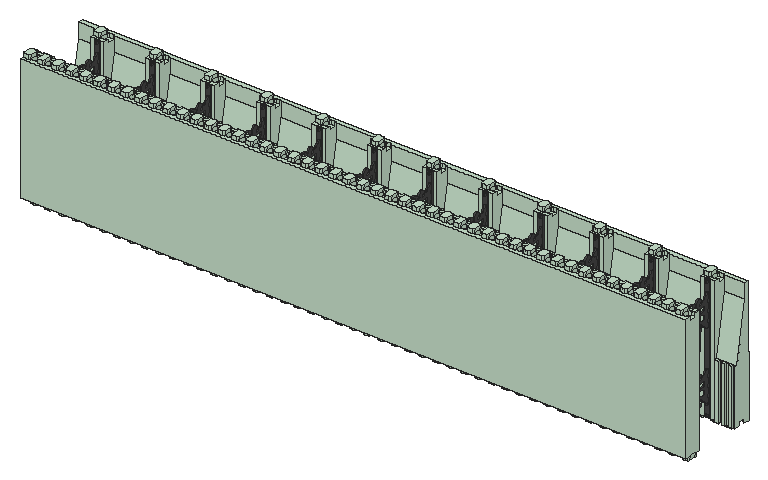
Revit family (continued)
Forms (mm)
  Extrusion 113, void
    sketch origin (2235.2, 0.019, 0) x (1, 0, 0) y (0, 1, 0)
      loop
        arc (29.796, 130.453) -> (26.615, 128.147) -> (25.4, 124.411) r 6.35
    from 0 to 12.7
  Extrusion 114, void
    sketch origin (2184.4, 0.019, 0) x (1, 0, 0) y (0, 1, 0)
      loop
        line (25.4, 124.411) -> (25.4, 101.014)
        arc (25.4, 101.014) -> (26.615, 97.278) -> (29.796, 94.972) r 6.35
        arc (29.796, 94.972) -> (36.091, 93.737) -> (42.5, 94.024) r 26.988
        arc (42.5, 94.024) -> (43.786, 93.668) -> (44.346, 92.457) r 1.587
        line (44.346, 92.457) -> (44.346, 86.829) -> (48.685, 86.829) -> (48.685, 95.62)
        arc (48.685, 95.62) -> (48.795, 96.199) -> (49.108, 96.698) r 1.588
        arc (49.108, 96.698) -> (50.362, 98.696) -> (50.8, 101.014) r 6.35
        line (50.8, 101.014) -> (50.8, 124.411)
        arc (50.8, 124.411) -> (49.585, 128.147) -> (46.404, 130.453) r 6.35
        arc (46.404, 130.453) -> (38.1, 131.763) -> (29.796, 130.453) r 26.987
        arc (29.796, 130.453) -> (26.615, 128.147) -> (25.4, 124.411) r 6.35
    from 0 to 12.7
  Extrusion 115, void
    sketch origin (2133.6, 0.019, 0) x (1, 0, 0) y (0, 1, 0)
      loop
        line (25.4, 124.411) -> (25.4, 101.014)
        arc (25.4, 101.014) -> (26.615, 97.278) -> (29.796, 94.972) r 6.35
        arc (29.796, 94.972) -> (36.091, 93.737) -> (42.5, 94.024) r 26.988
        arc (42.5, 94.024) -> (43.786, 93.668) -> (44.346, 92.457) r 1.587
        line (44.346, 92.457) -> (44.346, 86.829) -> (48.685, 86.829) -> (48.685, 95.62)
        arc (48.685, 95.62) -> (48.795, 96.199) -> (49.108, 96.698) r 1.588
        arc (49.108, 96.698) -> (50.362, 98.696) -> (50.8, 101.014) r 6.35
        line (50.8, 101.014) -> (50.8, 124.411)
        arc (50.8, 124.411) -> (49.585, 128.147) -> (46.404, 130.453) r 6.35
        arc (46.404, 130.453) -> (38.1, 131.763) -> (29.796, 130.453) r 26.987
        arc (29.796, 130.453) -> (26.615, 128.147) -> (25.4, 124.411) r 6.35
    from 0 to 12.7
  Extrusion 116, void
    sketch origin (2082.8, 0.019, 0) x (1, 0, 0) y (0, 1, 0)
      loop
        line (25.4, 124.411) -> (25.4, 101.014)
        arc (25.4, 101.014) -> (26.615, 97.278) -> (29.796, 94.972) r 6.35
        arc (29.796, 94.972) -> (36.091, 93.737) -> (42.5, 94.024) r 26.988
        arc (42.5, 94.024) -> (43.786, 93.668) -> (44.346, 92.457) r 1.587
        line (44.346, 92.457) -> (44.346, 86.829) -> (48.685, 86.829) -> (48.685, 95.62)
        arc (48.685, 95.62) -> (48.795, 96.199) -> (49.108, 96.698) r 1.588
        arc (49.108, 96.698) -> (50.362, 98.696) -> (50.8, 101.014) r 6.35
        line (50.8, 101.014) -> (50.8, 124.411)
        arc (50.8, 124.411) -> (49.585, 128.147) -> (46.404, 130.453) r 6.35
        arc (46.404, 130.453) -> (38.1, 131.763) -> (29.796, 130.453) r 26.987
        arc (29.796, 130.453) -> (26.615, 128.147) -> (25.4, 124.411) r 6.35
    from 0 to 12.7
  Extrusion 117, void
    sketch origin (2032, 0.019, 0) x (1, 0, 0) y (0, 1, 0)
      loop
        line (25.4, 124.411) -> (25.4, 101.014)
        arc (25.4, 101.014) -> (26.615, 97.278) -> (29.796, 94.972) r 6.35
        arc (29.796, 94.972) -> (36.091, 93.737) -> (42.5, 94.024) r 26.988
        arc (42.5, 94.024) -> (43.786, 93.668) -> (44.346, 92.457) r 1.587
        line (44.346, 92.457) -> (44.346, 86.829) -> (48.685, 86.829) -> (48.685, 95.62)
        arc (48.685, 95.62) -> (48.795, 96.199) -> (49.108, 96.698) r 1.588
        arc (49.108, 96.698) -> (50.362, 98.696) -> (50.8, 101.014) r 6.35
        line (50.8, 101.014) -> (50.8, 124.411)
        arc (50.8, 124.411) -> (49.585, 128.147) -> (46.404, 130.453) r 6.35
        arc (46.404, 130.453) -> (38.1, 131.763) -> (29.796, 130.453) r 26.987
        arc (29.796, 130.453) -> (26.615, 128.147) -> (25.4, 124.411) r 6.35
    from 0 to 12.7
  Extrusion 118, void
    sketch origin (1981.2, 0.019, 0) x (1, 0, 0) y (0, 1, 0)
      loop
        line (25.4, 124.411) -> (25.4, 101.014)
        arc (25.4, 101.014) -> (26.615, 97.278) -> (29.796, 94.972) r 6.35
        arc (29.796, 94.972) -> (36.091, 93.737) -> (42.5, 94.024) r 26.988
        arc (42.5, 94.024) -> (43.786, 93.668) -> (44.346, 92.457) r 1.587
        line (44.346, 92.457) -> (44.346, 86.829) -> (48.685, 86.829) -> (48.685, 95.62)
        arc (48.685, 95.62) -> (48.795, 96.199) -> (49.108, 96.698) r 1.588
        arc (49.108, 96.698) -> (50.362, 98.696) -> (50.8, 101.014) r 6.35
        line (50.8, 101.014) -> (50.8, 124.411)
        arc (50.8, 124.411) -> (49.585, 128.147) -> (46.404, 130.453) r 6.35
        arc (46.404, 130.453) -> (38.1, 131.763) -> (29.796, 130.453) r 26.987
        arc (29.796, 130.453) -> (26.615, 128.147) -> (25.4, 124.411) r 6.35
    from 0 to 12.7
  Extrusion 119, void
    sketch origin (1930.4, 0.019, 0) x (1, 0, 0) y (0, 1, 0)
      loop
        line (25.4, 124.411) -> (25.4, 101.014)
        arc (25.4, 101.014) -> (26.615, 97.278) -> (29.796, 94.972) r 6.35
        arc (29.796, 94.972) -> (36.091, 93.737) -> (42.5, 94.024) r 26.988
        arc (42.5, 94.024) -> (43.786, 93.668) -> (44.346, 92.457) r 1.587
        line (44.346, 92.457) -> (44.346, 86.829) -> (48.685, 86.829) -> (48.685, 95.62)
        arc (48.685, 95.62) -> (48.795, 96.199) -> (49.108, 96.698) r 1.588
        arc (49.108, 96.698) -> (50.362, 98.696) -> (50.8, 101.014) r 6.35
        line (50.8, 101.014) -> (50.8, 124.411)
        arc (50.8, 124.411) -> (49.585, 128.147) -> (46.404, 130.453) r 6.35
        arc (46.404, 130.453) -> (38.1, 131.763) -> (29.796, 130.453) r 26.987
        arc (29.796, 130.453) -> (26.615, 128.147) -> (25.4, 124.411) r 6.35
    from 0 to 12.7
  Extrusion 120, void
    sketch origin (1879.6, 0.019, 0) x (1, 0, 0) y (0, 1, 0)
      loop
        line (25.4, 124.411) -> (25.4, 101.014)
        arc (25.4, 101.014) -> (26.615, 97.278) -> (29.796, 94.972) r 6.35
        arc (29.796, 94.972) -> (36.091, 93.737) -> (42.5, 94.024) r 26.988
        arc (42.5, 94.024) -> (43.786, 93.668) -> (44.346, 92.457) r 1.587
        line (44.346, 92.457) -> (44.346, 86.829) -> (48.685, 86.829) -> (48.685, 95.62)
        arc (48.685, 95.62) -> (48.795, 96.199) -> (49.108, 96.698) r 1.588
        arc (49.108, 96.698) -> (50.362, 98.696) -> (50.8, 101.014) r 6.35
        line (50.8, 101.014) -> (50.8, 124.411)
        arc (50.8, 124.411) -> (49.585, 128.147) -> (46.404, 130.453) r 6.35
        arc (46.404, 130.453) -> (38.1, 131.763) -> (29.796, 130.453) r 26.987
        arc (29.796, 130.453) -> (26.615, 128.147) -> (25.4, 124.411) r 6.35
    from 0 to 12.7
  Extrusion 121, void
    sketch origin (1828.8, 0.019, 0) x (1, 0, 0) y (0, 1, 0)
      loop
        line (25.4, 124.411) -> (25.4, 101.014)
        arc (25.4, 101.014) -> (26.615, 97.278) -> (29.796, 94.972) r 6.35
        arc (29.796, 94.972) -> (36.091, 93.737) -> (42.5, 94.024) r 26.988
        arc (42.5, 94.024) -> (43.786, 93.668) -> (44.346, 92.457) r 1.587
        line (44.346, 92.457) -> (44.346, 86.829) -> (48.685, 86.829) -> (48.685, 95.62)
        arc (48.685, 95.62) -> (48.795, 96.199) -> (49.108, 96.698) r 1.588
        arc (49.108, 96.698) -> (50.362, 98.696) -> (50.8, 101.014) r 6.35
        line (50.8, 101.014) -> (50.8, 124.411)
        arc (50.8, 124.411) -> (49.585, 128.147) -> (46.404, 130.453) r 6.35
        arc (46.404, 130.453) -> (38.1, 131.763) -> (29.796, 130.453) r 26.987
        arc (29.796, 130.453) -> (26.615, 128.147) -> (25.4, 124.411) r 6.35
    from 0 to 12.7
  Extrusion 122, void
    sketch origin (1778, 0.019, 0) x (1, 0, 0) y (0, 1, 0)
      loop
        line (25.4, 124.411) -> (25.4, 101.014)
        arc (25.4, 101.014) -> (26.615, 97.278) -> (29.796, 94.972) r 6.35
        arc (29.796, 94.972) -> (36.091, 93.737) -> (42.5, 94.024) r 26.988
        arc (42.5, 94.024) -> (43.786, 93.668) -> (44.346, 92.457) r 1.587
        line (44.346, 92.457) -> (44.346, 86.829) -> (48.685, 86.829) -> (48.685, 95.62)
        arc (48.685, 95.62) -> (48.795, 96.199) -> (49.108, 96.698) r 1.588
        arc (49.108, 96.698) -> (50.362, 98.696) -> (50.8, 101.014) r 6.35
        line (50.8, 101.014) -> (50.8, 124.411)
        arc (50.8, 124.411) -> (49.585, 128.147) -> (46.404, 130.453) r 6.35
        arc (46.404, 130.453) -> (38.1, 131.763) -> (29.796, 130.453) r 26.987
        arc (29.796, 130.453) -> (26.615, 128.147) -> (25.4, 124.411) r 6.35
    from 0 to 12.7
  Extrusion 123, void
    sketch origin (1727.2, 0.019, 0) x (1, 0, 0) y (0, 1, 0)
      loop
        line (25.4, 124.411) -> (25.4, 101.014)
        arc (25.4, 101.014) -> (26.615, 97.278) -> (29.796, 94.972) r 6.35
        arc (29.796, 94.972) -> (36.091, 93.737) -> (42.5, 94.024) r 26.988
        arc (42.5, 94.024) -> (43.786, 93.668) -> (44.346, 92.457) r 1.587
        line (44.346, 92.457) -> (44.346, 86.829) -> (48.685, 86.829) -> (48.685, 95.62)
        arc (48.685, 95.62) -> (48.795, 96.199) -> (49.108, 96.698) r 1.588
        arc (49.108, 96.698) -> (50.362, 98.696) -> (50.8, 101.014) r 6.35
        line (50.8, 101.014) -> (50.8, 124.411)
        arc (50.8, 124.411) -> (49.585, 128.147) -> (46.404, 130.453) r 6.35
        arc (46.404, 130.453) -> (38.1, 131.763) -> (29.796, 130.453) r 26.987
        arc (29.796, 130.453) -> (26.615, 128.147) -> (25.4, 124.411) r 6.35
    from 0 to 12.7
  Extrusion 124, void
    sketch origin (1676.4, 0.019, 0) x (1, 0, 0) y (0, 1, 0)
      loop
        line (25.4, 124.411) -> (25.4, 101.014)
        arc (25.4, 101.014) -> (26.615, 97.278) -> (29.796, 94.972) r 6.35
        arc (29.796, 94.972) -> (36.091, 93.737) -> (42.5, 94.024) r 26.988
        arc (42.5, 94.024) -> (43.786, 93.668) -> (44.346, 92.457) r 1.587
        line (44.346, 92.457) -> (44.346, 86.829) -> (48.685, 86.829) -> (48.685, 95.62)
        arc (48.685, 95.62) -> (48.795, 96.199) -> (49.108, 96.698) r 1.588
        arc (49.108, 96.698) -> (50.362, 98.696) -> (50.8, 101.014) r 6.35
        line (50.8, 101.014) -> (50.8, 124.411)
        arc (50.8, 124.411) -> (49.585, 128.147) -> (46.404, 130.453) r 6.35
        arc (46.404, 130.453) -> (38.1, 131.763) -> (29.796, 130.453) r 26.987
        arc (29.796, 130.453) -> (26.615, 128.147) -> (25.4, 124.411) r 6.35
    from 0 to 12.7
  Extrusion 125, void
    sketch origin (1625.6, 0.019, 0) x (1, 0, 0) y (0, 1, 0)
      loop
        line (25.4, 124.411) -> (25.4, 101.014)
        arc (25.4, 101.014) -> (26.615, 97.278) -> (29.796, 94.972) r 6.35
        arc (29.796, 94.972) -> (36.091, 93.737) -> (42.5, 94.024) r 26.988
        arc (42.5, 94.024) -> (43.786, 93.668) -> (44.346, 92.457) r 1.587
        line (44.346, 92.457) -> (44.346, 86.829) -> (48.685, 86.829) -> (48.685, 95.62)
        arc (48.685, 95.62) -> (48.795, 96.199) -> (49.108, 96.698) r 1.588
        arc (49.108, 96.698) -> (50.362, 98.696) -> (50.8, 101.014) r 6.35
        line (50.8, 101.014) -> (50.8, 124.411)
        arc (50.8, 124.411) -> (49.585, 128.147) -> (46.404, 130.453) r 6.35
        arc (46.404, 130.453) -> (38.1, 131.763) -> (29.796, 130.453) r 26.987
        arc (29.796, 130.453) -> (26.615, 128.147) -> (25.4, 124.411) r 6.35
    from 0 to 12.7
  Extrusion 126, void
    sketch origin (1574.8, 0.019, 0) x (1, 0, 0) y (0, 1, 0)
      loop
        line (25.4, 124.411) -> (25.4, 101.014)
        arc (25.4, 101.014) -> (26.615, 97.278) -> (29.796, 94.972) r 6.35
        arc (29.796, 94.972) -> (36.091, 93.737) -> (42.5, 94.024) r 26.988
        arc (42.5, 94.024) -> (43.786, 93.668) -> (44.346, 92.457) r 1.587
        line (44.346, 92.457) -> (44.346, 86.829) -> (48.685, 86.829) -> (48.685, 95.62)
        arc (48.685, 95.62) -> (48.795, 96.199) -> (49.108, 96.698) r 1.588
        arc (49.108, 96.698) -> (50.362, 98.696) -> (50.8, 101.014) r 6.35
        line (50.8, 101.014) -> (50.8, 124.411)
        arc (50.8, 124.411) -> (49.585, 128.147) -> (46.404, 130.453) r 6.35
        arc (46.404, 130.453) -> (38.1, 131.763) -> (29.796, 130.453) r 26.987
        arc (29.796, 130.453) -> (26.615, 128.147) -> (25.4, 124.411) r 6.35
    from 0 to 12.7
  Extrusion 127, void
    sketch origin (1524, 0.019, 0) x (1, 0, 0) y (0, 1, 0)
      loop
        line (25.4, 124.411) -> (25.4, 101.014)
        arc (25.4, 101.014) -> (26.615, 97.278) -> (29.796, 94.972) r 6.35
        arc (29.796, 94.972) -> (36.091, 93.737) -> (42.5, 94.024) r 26.988
        arc (42.5, 94.024) -> (43.786, 93.668) -> (44.346, 92.457) r 1.587
        line (44.346, 92.457) -> (44.346, 86.829) -> (48.685, 86.829) -> (48.685, 95.62)
        arc (48.685, 95.62) -> (48.795, 96.199) -> (49.108, 96.698) r 1.588
        arc (49.108, 96.698) -> (50.362, 98.696) -> (50.8, 101.014) r 6.35
        line (50.8, 101.014) -> (50.8, 124.411)
        arc (50.8, 124.411) -> (49.585, 128.147) -> (46.404, 130.453) r 6.35
        arc (46.404, 130.453) -> (38.1, 131.763) -> (29.796, 130.453) r 26.987
        arc (29.796, 130.453) -> (26.615, 128.147) -> (25.4, 124.411) r 6.35
    from 0 to 12.7
  Extrusion 128, void
    sketch origin (1473.2, 0.019, 0) x (1, 0, 0) y (0, 1, 0)
      loop
        line (25.4, 124.411) -> (25.4, 101.014)
        arc (25.4, 101.014) -> (26.615, 97.278) -> (29.796, 94.972) r 6.35
        arc (29.796, 94.972) -> (36.091, 93.737) -> (42.5, 94.024) r 26.988
        arc (42.5, 94.024) -> (43.786, 93.668) -> (44.346, 92.457) r 1.587
        line (44.346, 92.457) -> (44.346, 86.829) -> (48.685, 86.829) -> (48.685, 95.62)
        arc (48.685, 95.62) -> (48.795, 96.199) -> (49.108, 96.698) r 1.588
        arc (49.108, 96.698) -> (50.362, 98.696) -> (50.8, 101.014) r 6.35
        line (50.8, 101.014) -> (50.8, 124.411)
        arc (50.8, 124.411) -> (49.585, 128.147) -> (46.404, 130.453) r 6.35
        arc (46.404, 130.453) -> (38.1, 131.763) -> (29.796, 130.453) r 26.987
        arc (29.796, 130.453) -> (26.615, 128.147) -> (25.4, 124.411) r 6.35
    from 0 to 12.7
  Extrusion 129, void
    sketch origin (1422.4, 0.019, 0) x (1, 0, 0) y (0, 1, 0)
      loop
        line (25.4, 124.411) -> (25.4, 101.014)
        arc (25.4, 101.014) -> (26.615, 97.278) -> (29.796, 94.972) r 6.35
        arc (29.796, 94.972) -> (36.091, 93.737) -> (42.5, 94.024) r 26.988
        arc (42.5, 94.024) -> (43.786, 93.668) -> (44.346, 92.457) r 1.587
        line (44.346, 92.457) -> (44.346, 86.829) -> (48.685, 86.829) -> (48.685, 95.62)
        arc (48.685, 95.62) -> (48.795, 96.199) -> (49.108, 96.698) r 1.588
        arc (49.108, 96.698) -> (50.362, 98.696) -> (50.8, 101.014) r 6.35
        line (50.8, 101.014) -> (50.8, 124.411)
        arc (50.8, 124.411) -> (49.585, 128.147) -> (46.404, 130.453) r 6.35
        arc (46.404, 130.453) -> (38.1, 131.763) -> (29.796, 130.453) r 26.987
        arc (29.796, 130.453) -> (26.615, 128.147) -> (25.4, 124.411) r 6.35
    from 0 to 12.7
  Extrusion 130, void
    sketch origin (1371.6, 0.019, 0) x (1, 0, 0) y (0, 1, 0)
      loop
        line (25.4, 124.411) -> (25.4, 101.014)
        arc (25.4, 101.014) -> (26.615, 97.278) -> (29.796, 94.972) r 6.35
        arc (29.796, 94.972) -> (36.091, 93.737) -> (42.5, 94.024) r 26.988
        arc (42.5, 94.024) -> (43.786, 93.668) -> (44.346, 92.457) r 1.587
        line (44.346, 92.457) -> (44.346, 86.829) -> (48.685, 86.829) -> (48.685, 95.62)
        arc (48.685, 95.62) -> (48.795, 96.199) -> (49.108, 96.698) r 1.588
        arc (49.108, 96.698) -> (50.362, 98.696) -> (50.8, 101.014) r 6.35
        line (50.8, 101.014) -> (50.8, 124.411)
        arc (50.8, 124.411) -> (49.585, 128.147) -> (46.404, 130.453) r 6.35
        arc (46.404, 130.453) -> (38.1, 131.763) -> (29.796, 130.453) r 26.987
        arc (29.796, 130.453) -> (26.615, 128.147) -> (25.4, 124.411) r 6.35
    from 0 to 12.7
  Extrusion 131, void
    sketch origin (1320.8, 0.019, 0) x (1, 0, 0) y (0, 1, 0)
      loop
        line (25.4, 124.411) -> (25.4, 101.014)
        arc (25.4, 101.014) -> (26.615, 97.278) -> (29.796, 94.972) r 6.35
        arc (29.796, 94.972) -> (36.091, 93.737) -> (42.5, 94.024) r 26.988
        arc (42.5, 94.024) -> (43.786, 93.668) -> (44.346, 92.457) r 1.587
        line (44.346, 92.457) -> (44.346, 86.829) -> (48.685, 86.829) -> (48.685, 95.62)
        arc (48.685, 95.62) -> (48.795, 96.199) -> (49.108, 96.698) r 1.588
        arc (49.108, 96.698) -> (50.362, 98.696) -> (50.8, 101.014) r 6.35
        line (50.8, 101.014) -> (50.8, 124.411)
        arc (50.8, 124.411) -> (49.585, 128.147) -> (46.404, 130.453) r 6.35
        arc (46.404, 130.453) -> (38.1, 131.763) -> (29.796, 130.453) r 26.987
        arc (29.796, 130.453) -> (26.615, 128.147) -> (25.4, 124.411) r 6.35
    from 0 to 12.7
  Extrusion 132, void
    sketch origin (1270, 0.019, 0) x (1, 0, 0) y (0, 1, 0)
      loop
        line (25.4, 124.411) -> (25.4, 101.014)
        arc (25.4, 101.014) -> (26.615, 97.278) -> (29.796, 94.972) r 6.35
        arc (29.796, 94.972) -> (36.091, 93.737) -> (42.5, 94.024) r 26.988
        arc (42.5, 94.024) -> (43.786, 93.668) -> (44.346, 92.457) r 1.587
        line (44.346, 92.457) -> (44.346, 86.829) -> (48.685, 86.829) -> (48.685, 95.62)
        arc (48.685, 95.62) -> (48.795, 96.199) -> (49.108, 96.698) r 1.588
        arc (49.108, 96.698) -> (50.362, 98.696) -> (50.8, 101.014) r 6.35
        line (50.8, 101.014) -> (50.8, 124.411)
        arc (50.8, 124.411) -> (49.585, 128.147) -> (46.404, 130.453) r 6.35
        arc (46.404, 130.453) -> (38.1, 131.763) -> (29.796, 130.453) r 26.987
        arc (29.796, 130.453) -> (26.615, 128.147) -> (25.4, 124.411) r 6.35
    from 0 to 12.7
  Extrusion 133, void
    sketch origin (1219.2, 0.019, 0) x (1, 0, 0) y (0, 1, 0)
      loop
        line (25.4, 124.411) -> (25.4, 101.014)
        arc (25.4, 101.014) -> (26.615, 97.278) -> (29.796, 94.972) r 6.35
        arc (29.796, 94.972) -> (36.091, 93.737) -> (42.5, 94.024) r 26.988
        arc (42.5, 94.024) -> (43.786, 93.668) -> (44.346, 92.457) r 1.587
        line (44.346, 92.457) -> (44.346, 86.829) -> (48.685, 86.829) -> (48.685, 95.62)
        arc (48.685, 95.62) -> (48.795, 96.199) -> (49.108, 96.698) r 1.588
        arc (49.108, 96.698) -> (50.362, 98.696) -> (50.8, 101.014) r 6.35
        line (50.8, 101.014) -> (50.8, 124.411)
        arc (50.8, 124.411) -> (49.585, 128.147) -> (46.404, 130.453) r 6.35
        arc (46.404, 130.453) -> (38.1, 131.763) -> (29.796, 130.453) r 26.987
        arc (29.796, 130.453) -> (26.615, 128.147) -> (25.4, 124.411) r 6.35
    from 0 to 12.7
  Extrusion 134, void
    sketch origin (1168.4, 0.019, 0) x (1, 0, 0) y (0, 1, 0)
      loop
        line (25.4, 124.411) -> (25.4, 101.014)
        arc (25.4, 101.014) -> (26.615, 97.278) -> (29.796, 94.972) r 6.35
        arc (29.796, 94.972) -> (36.091, 93.737) -> (42.5, 94.024) r 26.988
        arc (42.5, 94.024) -> (43.786, 93.668) -> (44.346, 92.457) r 1.587
        line (44.346, 92.457) -> (44.346, 86.829) -> (48.685, 86.829) -> (48.685, 95.62)
        arc (48.685, 95.62) -> (48.795, 96.199) -> (49.108, 96.698) r 1.588
        arc (49.108, 96.698) -> (50.362, 98.696) -> (50.8, 101.014) r 6.35
        line (50.8, 101.014) -> (50.8, 124.411)
        arc (50.8, 124.411) -> (49.585, 128.147) -> (46.404, 130.453) r 6.35
        arc (46.404, 130.453) -> (38.1, 131.763) -> (29.796, 130.453) r 26.987
        arc (29.796, 130.453) -> (26.615, 128.147) -> (25.4, 124.411) r 6.35
    from 0 to 12.7
  Extrusion 135, void
    sketch origin (1117.6, 0.019, 0) x (1, 0, 0) y (0, 1, 0)
      loop
        line (25.4, 124.411) -> (25.4, 101.014)
        arc (25.4, 101.014) -> (26.615, 97.278) -> (29.796, 94.972) r 6.35
        arc (29.796, 94.972) -> (36.091, 93.737) -> (42.5, 94.024) r 26.988
        arc (42.5, 94.024) -> (43.786, 93.668) -> (44.346, 92.457) r 1.587
        line (44.346, 92.457) -> (44.346, 86.829) -> (48.685, 86.829) -> (48.685, 95.62)
        arc (48.685, 95.62) -> (48.795, 96.199) -> (49.108, 96.698) r 1.588
        arc (49.108, 96.698) -> (50.362, 98.696) -> (50.8, 101.014) r 6.35
        line (50.8, 101.014) -> (50.8, 124.411)
        arc (50.8, 124.411) -> (49.585, 128.147) -> (46.404, 130.453) r 6.35
        arc (46.404, 130.453) -> (38.1, 131.763) -> (29.796, 130.453) r 26.987
        arc (29.796, 130.453) -> (26.615, 128.147) -> (25.4, 124.411) r 6.35
    from 0 to 12.7
  Extrusion 136, void
    sketch origin (1066.8, 0.019, 0) x (1, 0, 0) y (0, 1, 0)
      loop
        line (25.4, 124.411) -> (25.4, 101.014)
        arc (25.4, 101.014) -> (26.615, 97.278) -> (29.796, 94.972) r 6.35
        arc (29.796, 94.972) -> (36.091, 93.737) -> (42.5, 94.024) r 26.988
        arc (42.5, 94.024) -> (43.786, 93.668) -> (44.346, 92.457) r 1.587
        line (44.346, 92.457) -> (44.346, 86.829) -> (48.685, 86.829) -> (48.685, 95.62)
        arc (48.685, 95.62) -> (48.795, 96.199) -> (49.108, 96.698) r 1.588
        arc (49.108, 96.698) -> (50.362, 98.696) -> (50.8, 101.014) r 6.35
        line (50.8, 101.014) -> (50.8, 124.411)
        arc (50.8, 124.411) -> (49.585, 128.147) -> (46.404, 130.453) r 6.35
        arc (46.404, 130.453) -> (38.1, 131.763) -> (29.796, 130.453) r 26.987
        arc (29.796, 130.453) -> (26.615, 128.147) -> (25.4, 124.411) r 6.35
    from 0 to 12.7
  Extrusion 137, void
    sketch origin (1016, 0.019, 0) x (1, 0, 0) y (0, 1, 0)
      loop
        line (25.4, 124.411) -> (25.4, 101.014)
        arc (25.4, 101.014) -> (26.615, 97.278) -> (29.796, 94.972) r 6.35
        arc (29.796, 94.972) -> (36.091, 93.737) -> (42.5, 94.024) r 26.988
        arc (42.5, 94.024) -> (43.786, 93.668) -> (44.346, 92.457) r 1.587
        line (44.346, 92.457) -> (44.346, 86.829) -> (48.685, 86.829) -> (48.685, 95.62)
        arc (48.685, 95.62) -> (48.795, 96.199) -> (49.108, 96.698) r 1.588
        arc (49.108, 96.698) -> (50.362, 98.696) -> (50.8, 101.014) r 6.35
        line (50.8, 101.014) -> (50.8, 124.411)
        arc (50.8, 124.411) -> (49.585, 128.147) -> (46.404, 130.453) r 6.35
        arc (46.404, 130.453) -> (38.1, 131.763) -> (29.796, 130.453) r 26.987
        arc (29.796, 130.453) -> (26.615, 128.147) -> (25.4, 124.411) r 6.35
    from 0 to 12.7
  Extrusion 138, void
    sketch origin (965.2, 0.019, 0) x (1, 0, 0) y (0, 1, 0)
      loop
        line (25.4, 124.411) -> (25.4, 101.014)
        arc (25.4, 101.014) -> (26.615, 97.278) -> (29.796, 94.972) r 6.35
        arc (29.796, 94.972) -> (36.091, 93.737) -> (42.5, 94.024) r 26.988
        arc (42.5, 94.024) -> (43.786, 93.668) -> (44.346, 92.457) r 1.587
        line (44.346, 92.457) -> (44.346, 86.829) -> (48.685, 86.829) -> (48.685, 95.62)
        arc (48.685, 95.62) -> (48.795, 96.199) -> (49.108, 96.698) r 1.588
        arc (49.108, 96.698) -> (50.362, 98.696) -> (50.8, 101.014) r 6.35
        line (50.8, 101.014) -> (50.8, 124.411)
        arc (50.8, 124.411) -> (49.585, 128.147) -> (46.404, 130.453) r 6.35
        arc (46.404, 130.453) -> (38.1, 131.763) -> (29.796, 130.453) r 26.987
        arc (29.796, 130.453) -> (26.615, 128.147) -> (25.4, 124.411) r 6.35
    from 0 to 12.7
  Extrusion 139, void
    sketch origin (914.4, 0.019, 0) x (1, 0, 0) y (0, 1, 0)
      loop
        line (25.4, 124.411) -> (25.4, 101.014)
        arc (25.4, 101.014) -> (26.615, 97.278) -> (29.796, 94.972) r 6.35
        arc (29.796, 94.972) -> (36.091, 93.737) -> (42.5, 94.024) r 26.988
        arc (42.5, 94.024) -> (43.786, 93.668) -> (44.346, 92.457) r 1.587
        line (44.346, 92.457) -> (44.346, 86.829) -> (48.685, 86.829) -> (48.685, 95.62)
        arc (48.685, 95.62) -> (48.795, 96.199) -> (49.108, 96.698) r 1.588
        arc (49.108, 96.698) -> (50.362, 98.696) -> (50.8, 101.014) r 6.35
        line (50.8, 101.014) -> (50.8, 124.411)
        arc (50.8, 124.411) -> (49.585, 128.147) -> (46.404, 130.453) r 6.35
        arc (46.404, 130.453) -> (38.1, 131.763) -> (29.796, 130.453) r 26.987
        arc (29.796, 130.453) -> (26.615, 128.147) -> (25.4, 124.411) r 6.35
    from 0 to 12.7
  Extrusion 140, void
    sketch origin (863.6, 0.019, 0) x (1, 0, 0) y (0, 1, 0)
      loop
        line (25.4, 124.411) -> (25.4, 101.014)
        arc (25.4, 101.014) -> (26.615, 97.278) -> (29.796, 94.972) r 6.35
        arc (29.796, 94.972) -> (36.091, 93.737) -> (42.5, 94.024) r 26.988
        arc (42.5, 94.024) -> (43.786, 93.668) -> (44.346, 92.457) r 1.587
        line (44.346, 92.457) -> (44.346, 86.829) -> (48.685, 86.829) -> (48.685, 95.62)
        arc (48.685, 95.62) -> (48.795, 96.199) -> (49.108, 96.698) r 1.588
        arc (49.108, 96.698) -> (50.362, 98.696) -> (50.8, 101.014) r 6.35
        line (50.8, 101.014) -> (50.8, 124.411)
        arc (50.8, 124.411) -> (49.585, 128.147) -> (46.404, 130.453) r 6.35
        arc (46.404, 130.453) -> (38.1, 131.763) -> (29.796, 130.453) r 26.987
        arc (29.796, 130.453) -> (26.615, 128.147) -> (25.4, 124.411) r 6.35
    from 0 to 12.7
  Extrusion 141, void
    sketch origin (812.8, 0.019, 0) x (1, 0, 0) y (0, 1, 0)
      loop
        line (25.4, 124.411) -> (25.4, 101.014)
        arc (25.4, 101.014) -> (26.615, 97.278) -> (29.796, 94.972) r 6.35
        arc (29.796, 94.972) -> (36.091, 93.737) -> (42.5, 94.024) r 26.988
        arc (42.5, 94.024) -> (43.786, 93.668) -> (44.346, 92.457) r 1.587
        line (44.346, 92.457) -> (44.346, 86.829) -> (48.685, 86.829) -> (48.685, 95.62)
        arc (48.685, 95.62) -> (48.795, 96.199) -> (49.108, 96.698) r 1.588
        arc (49.108, 96.698) -> (50.362, 98.696) -> (50.8, 101.014) r 6.35
        line (50.8, 101.014) -> (50.8, 124.411)
        arc (50.8, 124.411) -> (49.585, 128.147) -> (46.404, 130.453) r 6.35
        arc (46.404, 130.453) -> (38.1, 131.763) -> (29.796, 130.453) r 26.987
        arc (29.796, 130.453) -> (26.615, 128.147) -> (25.4, 124.411) r 6.35
    from 0 to 12.7
  Extrusion 142, void
    sketch origin (762, 0.019, 0) x (1, 0, 0) y (0, 1, 0)
      loop
        line (25.4, 124.411) -> (25.4, 101.014)
        arc (25.4, 101.014) -> (26.615, 97.278) -> (29.796, 94.972) r 6.35
        arc (29.796, 94.972) -> (36.091, 93.737) -> (42.5, 94.024) r 26.988
        arc (42.5, 94.024) -> (43.786, 93.668) -> (44.346, 92.457) r 1.587
        line (44.346, 92.457) -> (44.346, 86.829) -> (48.685, 86.829) -> (48.685, 95.62)
        arc (48.685, 95.62) -> (48.795, 96.199) -> (49.108, 96.698) r 1.588
        arc (49.108, 96.698) -> (50.362, 98.696) -> (50.8, 101.014) r 6.35
        line (50.8, 101.014) -> (50.8, 124.411)
        arc (50.8, 124.411) -> (49.585, 128.147) -> (46.404, 130.453) r 6.35
        arc (46.404, 130.453) -> (38.1, 131.763) -> (29.796, 130.453) r 26.987
        arc (29.796, 130.453) -> (26.615, 128.147) -> (25.4, 124.411) r 6.35
    from 0 to 12.7
  Extrusion 143, void
    sketch origin (711.2, 0.019, 0) x (1, 0, 0) y (0, 1, 0)
      loop
        line (25.4, 124.411) -> (25.4, 101.014)
        arc (25.4, 101.014) -> (26.615, 97.278) -> (29.796, 94.972) r 6.35
        arc (29.796, 94.972) -> (36.091, 93.737) -> (42.5, 94.024) r 26.988
        arc (42.5, 94.024) -> (43.786, 93.668) -> (44.346, 92.457) r 1.587
        line (44.346, 92.457) -> (44.346, 86.829) -> (48.685, 86.829) -> (48.685, 95.62)
        arc (48.685, 95.62) -> (48.795, 96.199) -> (49.108, 96.698) r 1.588
        arc (49.108, 96.698) -> (50.362, 98.696) -> (50.8, 101.014) r 6.35
        line (50.8, 101.014) -> (50.8, 124.411)
        arc (50.8, 124.411) -> (49.585, 128.147) -> (46.404, 130.453) r 6.35
        arc (46.404, 130.453) -> (38.1, 131.763) -> (29.796, 130.453) r 26.987
        arc (29.796, 130.453) -> (26.615, 128.147) -> (25.4, 124.411) r 6.35
    from 0 to 12.7
  Extrusion 144, void
    sketch origin (660.4, 0.019, 0) x (1, 0, 0) y (0, 1, 0)
      loop
        line (25.4, 124.411) -> (25.4, 101.014)
        arc (25.4, 101.014) -> (26.615, 97.278) -> (29.796, 94.972) r 6.35
        arc (29.796, 94.972) -> (36.091, 93.737) -> (42.5, 94.024) r 26.988
        arc (42.5, 94.024) -> (43.786, 93.668) -> (44.346, 92.457) r 1.587
        line (44.346, 92.457) -> (44.346, 86.829) -> (48.685, 86.829) -> (48.685, 95.62)
        arc (48.685, 95.62) -> (48.795, 96.199) -> (49.108, 96.698) r 1.588
        arc (49.108, 96.698) -> (50.362, 98.696) -> (50.8, 101.014) r 6.35
        line (50.8, 101.014) -> (50.8, 124.411)
        arc (50.8, 124.411) -> (49.585, 128.147) -> (46.404, 130.453) r 6.35
        arc (46.404, 130.453) -> (38.1, 131.763) -> (29.796, 130.453) r 26.987
        arc (29.796, 130.453) -> (26.615, 128.147) -> (25.4, 124.411) r 6.35
    from 0 to 12.7
  Extrusion 145, void
    sketch origin (609.6, 0.019, 0) x (1, 0, 0) y (0, 1, 0)
      loop
        line (25.4, 124.411) -> (25.4, 101.014)
        arc (25.4, 101.014) -> (26.615, 97.278) -> (29.796, 94.972) r 6.35
        arc (29.796, 94.972) -> (36.091, 93.737) -> (42.5, 94.024) r 26.988
        arc (42.5, 94.024) -> (43.786, 93.668) -> (44.346, 92.457) r 1.587
        line (44.346, 92.457) -> (44.346, 86.829) -> (48.685, 86.829) -> (48.685, 95.62)
        arc (48.685, 95.62) -> (48.795, 96.199) -> (49.108, 96.698) r 1.588
        arc (49.108, 96.698) -> (50.362, 98.696) -> (50.8, 101.014) r 6.35
        line (50.8, 101.014) -> (50.8, 124.411)
        arc (50.8, 124.411) -> (49.585, 128.147) -> (46.404, 130.453) r 6.35
        arc (46.404, 130.453) -> (38.1, 131.763) -> (29.796, 130.453) r 26.987
        arc (29.796, 130.453) -> (26.615, 128.147) -> (25.4, 124.411) r 6.35
    from 0 to 12.7
  Extrusion 146, void
    sketch origin (558.8, 0.019, 0) x (1, 0, 0) y (0, 1, 0)
      loop
        line (25.4, 124.411) -> (25.4, 101.014)
        arc (25.4, 101.014) -> (26.615, 97.278) -> (29.796, 94.972) r 6.35
        arc (29.796, 94.972) -> (36.091, 93.737) -> (42.5, 94.024) r 26.988
        arc (42.5, 94.024) -> (43.786, 93.668) -> (44.346, 92.457) r 1.587
        line (44.346, 92.457) -> (44.346, 86.829) -> (48.685, 86.829) -> (48.685, 95.62)
        arc (48.685, 95.62) -> (48.795, 96.199) -> (49.108, 96.698) r 1.588
        arc (49.108, 96.698) -> (50.362, 98.696) -> (50.8, 101.014) r 6.35
        line (50.8, 101.014) -> (50.8, 124.411)
        arc (50.8, 124.411) -> (49.585, 128.147) -> (46.404, 130.453) r 6.35
        arc (46.404, 130.453) -> (38.1, 131.763) -> (29.796, 130.453) r 26.987
        arc (29.796, 130.453) -> (26.615, 128.147) -> (25.4, 124.411) r 6.35
    from 0 to 12.7
  Extrusion 147, void
    sketch origin (508, 0.019, 0) x (1, 0, 0) y (0, 1, 0)
      loop
        line (25.4, 124.411) -> (25.4, 101.014)
        arc (25.4, 101.014) -> (26.615, 97.278) -> (29.796, 94.972) r 6.35
        arc (29.796, 94.972) -> (36.091, 93.737) -> (42.5, 94.024) r 26.988
        arc (42.5, 94.024) -> (43.786, 93.668) -> (44.346, 92.457) r 1.587
        line (44.346, 92.457) -> (44.346, 86.829) -> (48.685, 86.829) -> (48.685, 95.62)
        arc (48.685, 95.62) -> (48.795, 96.199) -> (49.108, 96.698) r 1.588
        arc (49.108, 96.698) -> (50.362, 98.696) -> (50.8, 101.014) r 6.35
        line (50.8, 101.014) -> (50.8, 124.411)
        arc (50.8, 124.411) -> (49.585, 128.147) -> (46.404, 130.453) r 6.35
        arc (46.404, 130.453) -> (38.1, 131.763) -> (29.796, 130.453) r 26.987
        arc (29.796, 130.453) -> (26.615, 128.147) -> (25.4, 124.411) r 6.35
    from 0 to 12.7
  Extrusion 148, void
    sketch origin (457.2, 0.019, 0) x (1, 0, 0) y (0, 1, 0)
      loop
        line (25.4, 124.411) -> (25.4, 101.014)
        arc (25.4, 101.014) -> (26.615, 97.278) -> (29.796, 94.972) r 6.35
        arc (29.796, 94.972) -> (36.091, 93.737) -> (42.5, 94.024) r 26.988
        arc (42.5, 94.024) -> (43.786, 93.668) -> (44.346, 92.457) r 1.587
        line (44.346, 92.457) -> (44.346, 86.829) -> (48.685, 86.829) -> (48.685, 95.62)
        arc (48.685, 95.62) -> (48.795, 96.199) -> (49.108, 96.698) r 1.588
        arc (49.108, 96.698) -> (50.362, 98.696) -> (50.8, 101.014) r 6.35
        line (50.8, 101.014) -> (50.8, 124.411)
        arc (50.8, 124.411) -> (49.585, 128.147) -> (46.404, 130.453) r 6.35
        arc (46.404, 130.453) -> (38.1, 131.763) -> (29.796, 130.453) r 26.987
        arc (29.796, 130.453) -> (26.615, 128.147) -> (25.4, 124.411) r 6.35
    from 0 to 12.7
  Extrusion 149, void
    sketch origin (406.4, 0.019, 0) x (1, 0, 0) y (0, 1, 0)
      loop
        line (25.4, 124.411) -> (25.4, 101.014)
        arc (25.4, 101.014) -> (26.615, 97.278) -> (29.796, 94.972) r 6.35
        arc (29.796, 94.972) -> (36.091, 93.737) -> (42.5, 94.024) r 26.988
        arc (42.5, 94.024) -> (43.786, 93.668) -> (44.346, 92.457) r 1.587
        line (44.346, 92.457) -> (44.346, 86.829) -> (48.685, 86.829) -> (48.685, 95.62)
        arc (48.685, 95.62) -> (48.795, 96.199) -> (49.108, 96.698) r 1.588
        arc (49.108, 96.698) -> (50.362, 98.696) -> (50.8, 101.014) r 6.35
        line (50.8, 101.014) -> (50.8, 124.411)
        arc (50.8, 124.411) -> (49.585, 128.147) -> (46.404, 130.453) r 6.35
        arc (46.404, 130.453) -> (38.1, 131.763) -> (29.796, 130.453) r 26.987
        arc (29.796, 130.453) -> (26.615, 128.147) -> (25.4, 124.411) r 6.35
    from 0 to 12.7
  Extrusion 150, void
    sketch origin (355.6, 0.019, 0) x (1, 0, 0) y (0, 1, 0)
      loop
        line (25.4, 124.411) -> (25.4, 101.014)
        arc (25.4, 101.014) -> (26.615, 97.278) -> (29.796, 94.972) r 6.35
        arc (29.796, 94.972) -> (36.091, 93.737) -> (42.5, 94.024) r 26.988
        arc (42.5, 94.024) -> (43.786, 93.668) -> (44.346, 92.457) r 1.587
        line (44.346, 92.457) -> (44.346, 86.829) -> (48.685, 86.829) -> (48.685, 95.62)
        arc (48.685, 95.62) -> (48.795, 96.199) -> (49.108, 96.698) r 1.588
        arc (49.108, 96.698) -> (50.362, 98.696) -> (50.8, 101.014) r 6.35
        line (50.8, 101.014) -> (50.8, 124.411)
        arc (50.8, 124.411) -> (49.585, 128.147) -> (46.404, 130.453) r 6.35
        arc (46.404, 130.453) -> (38.1, 131.763) -> (29.796, 130.453) r 26.987
        arc (29.796, 130.453) -> (26.615, 128.147) -> (25.4, 124.411) r 6.35
    from 0 to 12.7
  Extrusion 151, void
    sketch origin (304.8, 0.019, 0) x (1, 0, 0) y (0, 1, 0)
      loop
        line (25.4, 124.411) -> (25.4, 101.014)
        arc (25.4, 101.014) -> (26.615, 97.278) -> (29.796, 94.972) r 6.35
        arc (29.796, 94.972) -> (36.091, 93.737) -> (42.5, 94.024) r 26.988
        arc (42.5, 94.024) -> (43.786, 93.668) -> (44.346, 92.457) r 1.587
        line (44.346, 92.457) -> (44.346, 86.829) -> (48.685, 86.829) -> (48.685, 95.62)
        arc (48.685, 95.62) -> (48.795, 96.199) -> (49.108, 96.698) r 1.588
        arc (49.108, 96.698) -> (50.362, 98.696) -> (50.8, 101.014) r 6.35
        line (50.8, 101.014) -> (50.8, 124.411)
        arc (50.8, 124.411) -> (49.585, 128.147) -> (46.404, 130.453) r 6.35
        arc (46.404, 130.453) -> (38.1, 131.763) -> (29.796, 130.453) r 26.987
        arc (29.796, 130.453) -> (26.615, 128.147) -> (25.4, 124.411) r 6.35
    from 0 to 12.7
  Extrusion 152, void
    sketch origin (254, 0.019, 0) x (1, 0, 0) y (0, 1, 0)
      loop
        line (25.4, 124.411) -> (25.4, 101.014)
        arc (25.4, 101.014) -> (26.615, 97.278) -> (29.796, 94.972) r 6.35
        arc (29.796, 94.972) -> (36.091, 93.737) -> (42.5, 94.024) r 26.988
        arc (42.5, 94.024) -> (43.786, 93.668) -> (44.346, 92.457) r 1.587
        line (44.346, 92.457) -> (44.346, 86.829) -> (48.685, 86.829) -> (48.685, 95.62)
        arc (48.685, 95.62) -> (48.795, 96.199) -> (49.108, 96.698) r 1.588
        arc (49.108, 96.698) -> (50.362, 98.696) -> (50.8, 101.014) r 6.35
        line (50.8, 101.014) -> (50.8, 124.411)
        arc (50.8, 124.411) -> (49.585, 128.147) -> (46.404, 130.453) r 6.35
        arc (46.404, 130.453) -> (38.1, 131.763) -> (29.796, 130.453) r 26.987
        arc (29.796, 130.453) -> (26.615, 128.147) -> (25.4, 124.411) r 6.35
    from 0 to 12.7
  Extrusion 153, void
    sketch origin (203.2, 0.019, 0) x (1, 0, 0) y (0, 1, 0)
      loop
        line (25.4, 124.411) -> (25.4, 101.014)
        arc (25.4, 101.014) -> (26.615, 97.278) -> (29.796, 94.972) r 6.35
        arc (29.796, 94.972) -> (36.091, 93.737) -> (42.5, 94.024) r 26.988
        arc (42.5, 94.024) -> (43.786, 93.668) -> (44.346, 92.457) r 1.587
        line (44.346, 92.457) -> (44.346, 86.829) -> (48.685, 86.829) -> (48.685, 95.62)
        arc (48.685, 95.62) -> (48.795, 96.199) -> (49.108, 96.698) r 1.588
        arc (49.108, 96.698) -> (50.362, 98.696) -> (50.8, 101.014) r 6.35
        line (50.8, 101.014) -> (50.8, 124.411)
        arc (50.8, 124.411) -> (49.585, 128.147) -> (46.404, 130.453) r 6.35
        arc (46.404, 130.453) -> (38.1, 131.763) -> (29.796, 130.453) r 26.987
        arc (29.796, 130.453) -> (26.615, 128.147) -> (25.4, 124.411) r 6.35
    from 0 to 12.7
  Extrusion 154, void
    sketch origin (152.4, 0.019, 0) x (1, 0, 0) y (0, 1, 0)
      loop
        line (25.4, 124.411) -> (25.4, 101.014)
        arc (25.4, 101.014) -> (26.615, 97.278) -> (29.796, 94.972) r 6.35
        arc (29.796, 94.972) -> (36.091, 93.737) -> (42.5, 94.024) r 26.988
        arc (42.5, 94.024) -> (43.786, 93.668) -> (44.346, 92.457) r 1.587
        line (44.346, 92.457) -> (44.346, 86.829) -> (48.685, 86.829) -> (48.685, 95.62)
        arc (48.685, 95.62) -> (48.795, 96.199) -> (49.108, 96.698) r 1.588
        arc (49.108, 96.698) -> (50.362, 98.696) -> (50.8, 101.014) r 6.35
        line (50.8, 101.014) -> (50.8, 124.411)
        arc (50.8, 124.411) -> (49.585, 128.147) -> (46.404, 130.453) r 6.35
        arc (46.404, 130.453) -> (38.1, 131.763) -> (29.796, 130.453) r 26.987
        arc (29.796, 130.453) -> (26.615, 128.147) -> (25.4, 124.411) r 6.35
    from 0 to 12.7
  Extrusion 155, void
    sketch origin (101.6, 0.019, 0) x (1, 0, 0) y (0, 1, 0)
      loop
        line (25.4, 124.411) -> (25.4, 101.014)
        arc (25.4, 101.014) -> (26.615, 97.278) -> (29.796, 94.972) r 6.35
        arc (29.796, 94.972) -> (36.091, 93.737) -> (42.5, 94.024) r 26.988
        arc (42.5, 94.024) -> (43.786, 93.668) -> (44.346, 92.457) r 1.587
        line (44.346, 92.457) -> (44.346, 86.829) -> (48.685, 86.829) -> (48.685, 95.62)
        arc (48.685, 95.62) -> (48.795, 96.199) -> (49.108, 96.698) r 1.588
        arc (49.108, 96.698) -> (50.362, 98.696) -> (50.8, 101.014) r 6.35
        line (50.8, 101.014) -> (50.8, 124.411)
        arc (50.8, 124.411) -> (49.585, 128.147) -> (46.404, 130.453) r 6.35
        arc (46.404, 130.453) -> (38.1, 131.763) -> (29.796, 130.453) r 26.987
        arc (29.796, 130.453) -> (26.615, 128.147) -> (25.4, 124.411) r 6.35
    from 0 to 12.7
  Extrusion 156, void
    sketch origin (50.8, 0.019, 0) x (1, 0, 0) y (0, 1, 0)
      loop
        line (25.4, 124.411) -> (25.4, 101.014)
        arc (25.4, 101.014) -> (26.615, 97.278) -> (29.796, 94.972) r 6.35
        arc (29.796, 94.972) -> (36.091, 93.737) -> (42.5, 94.024) r 26.988
        arc (42.5, 94.024) -> (43.786, 93.668) -> (44.346, 92.457) r 1.587
        line (44.346, 92.457) -> (44.346, 86.829) -> (48.685, 86.829) -> (48.685, 95.62)
        arc (48.685, 95.62) -> (48.795, 96.199) -> (49.108, 96.698) r 1.588
        arc (49.108, 96.698) -> (50.362, 98.696) -> (50.8, 101.014) r 6.35
        line (50.8, 101.014) -> (50.8, 124.411)
        arc (50.8, 124.411) -> (49.585, 128.147) -> (46.404, 130.453) r 6.35
        arc (46.404, 130.453) -> (38.1, 131.763) -> (29.796, 130.453) r 26.987
        arc (29.796, 130.453) -> (26.615, 128.147) -> (25.4, 124.411) r 6.35
    from 0 to 12.7
  Extrusion 157, void
    sketch origin (0, 0.019, 0) x (1, 0, 0) y (0, 1, 0)
      loop
        line (25.4, 124.411) -> (25.4, 101.014)
        arc (25.4, 101.014) -> (26.615, 97.278) -> (29.796, 94.972) r 6.35
        arc (29.796, 94.972) -> (36.091, 93.737) -> (42.5, 94.024) r 26.988
        arc (42.5, 94.024) -> (43.786, 93.668) -> (44.346, 92.457) r 1.587
        line (44.346, 92.457) -> (44.346, 86.829) -> (48.685, 86.829) -> (48.685, 95.62)
        arc (48.685, 95.62) -> (48.795, 96.199) -> (49.108, 96.698) r 1.588
        arc (49.108, 96.698) -> (50.362, 98.696) -> (50.8, 101.014) r 6.35
        line (50.8, 101.014) -> (50.8, 124.411)
        arc (50.8, 124.411) -> (49.585, 128.147) -> (46.404, 130.453) r 6.35
        arc (46.404, 130.453) -> (38.1, 131.763) -> (29.796, 130.453) r 26.987
        arc (29.796, 130.453) -> (26.615, 128.147) -> (25.4, 124.411) r 6.35
    from 0 to 12.7
  Extrusion 158, solid, material "EPS- NUDURA- Foam Panel"
    sketch origin (0, 0.019, 0) x (0, 1, 0) y (0, 0, 1)
      loop
        line (142.875, 0) -> (142.875, 457.2) -> (127, 457.2) -> (127, 404.586) -> (88.9, 203.2) -> (82.55, 203.2) -> (82.55, 0) -> (142.875, 0)
    from 0 to 2438.4
  Extrusion 159, solid, material "EPS- NUDURA- Foam Panel"
    sketch origin (0, 0.019, 0) x (0, 1, 0) y (0, 0, 1)
      loop
        line (127, 457.2) -> (82.55, 457.2) -> (82.55, 203.2) -> (88.9, 203.2) -> (127, 404.586) -> (127, 457.2)
    from 76.2 to 127
  Extrusion 160, solid, material "EPS- NUDURA- Foam Panel"
    sketch origin (0, 0.019, 0) x (0, 1, 0) y (0, 0, 1)
      loop
        line (127, 457.2) -> (82.55, 457.2) -> (82.55, 203.2) -> (88.9, 203.2) -> (127, 404.586) -> (127, 457.2)
    from 279.4 to 330.2
  Extrusion 161, solid, material "EPS- NUDURA- Foam Panel"
    sketch origin (0, 0.019, 0) x (0, 1, 0) y (0, 0, 1)
      loop
        line (127, 457.2) -> (82.55, 457.2) -> (82.55, 203.2) -> (88.9, 203.2) -> (127, 404.586) -> (127, 457.2)
    from 482.6 to 533.4
  Extrusion 162, solid, material "EPS- NUDURA- Foam Panel"
    sketch origin (0, 0.019, 0) x (0, 1, 0) y (0, 0, 1)
      loop
        line (127, 457.2) -> (82.55, 457.2) -> (82.55, 203.2) -> (88.9, 203.2) -> (127, 404.586) -> (127, 457.2)
    from 685.8 to 736.6
  Extrusion 163, solid, material "EPS- NUDURA- Foam Panel"
    sketch origin (0, 0.019, 0) x (0, 1, 0) y (0, 0, 1)
      loop
        line (127, 457.2) -> (82.55, 457.2) -> (82.55, 203.2) -> (88.9, 203.2) -> (127, 404.586) -> (127, 457.2)
    from 889 to 939.8
  Extrusion 164, solid, material "EPS- NUDURA- Foam Panel"
    sketch origin (0, 0.019, 0) x (0, 1, 0) y (0, 0, 1)
      loop
        line (127, 457.2) -> (82.55, 457.2) -> (82.55, 203.2) -> (88.9, 203.2) -> (127, 404.586) -> (127, 457.2)
    from 1092.2 to 1143
  Extrusion 165, solid, material "EPS- NUDURA- Foam Panel"
    sketch origin (0, 0.019, 0) x (0, 1, 0) y (0, 0, 1)
      loop
        line (127, 457.2) -> (82.55, 457.2) -> (82.55, 203.2) -> (88.9, 203.2) -> (127, 404.586) -> (127, 457.2)
    from 1295.4 to 1346.2
  Extrusion 166, solid, material "EPS- NUDURA- Foam Panel"
    sketch origin (0, 0.019, 0) x (0, 1, 0) y (0, 0, 1)
      loop
        line (127, 457.2) -> (82.55, 457.2) -> (82.55, 203.2) -> (88.9, 203.2) -> (127, 404.586) -> (127, 457.2)
    from 1498.6 to 1549.4
  Extrusion 167, solid, material "EPS- NUDURA- Foam Panel"
    sketch origin (0, 0.019, 0) x (0, 1, 0) y (0, 0, 1)
      loop
        line (127, 457.2) -> (82.55, 457.2) -> (82.55, 203.2) -> (88.9, 203.2) -> (127, 404.586) -> (127, 457.2)
    from 1701.8 to 1752.6
  Extrusion 168, solid, material "EPS- NUDURA- Foam Panel"
    sketch origin (0, 0.019, 0) x (0, 1, 0) y (0, 0, 1)
      loop
        line (127, 457.2) -> (82.55, 457.2) -> (82.55, 203.2) -> (88.9, 203.2) -> (127, 404.586) -> (127, 457.2)
    from 1701.8 to 1752.6
  Extrusion 169, solid, material "EPS- NUDURA- Foam Panel"
    sketch origin (0, 0.019, 0) x (0, 1, 0) y (0, 0, 1)
      loop
        line (127, 457.2) -> (82.55, 457.2) -> (82.55, 203.2) -> (88.9, 203.2) -> (127, 404.586) -> (127, 457.2)
    from 1905 to 1955.8
  Extrusion 170, solid, material "EPS- NUDURA- Foam Panel"
    sketch origin (0, 0.019, 0) x (0, 1, 0) y (0, 0, 1)
      loop
        line (127, 457.2) -> (82.55, 457.2) -> (82.55, 203.2) -> (88.9, 203.2) -> (127, 404.586) -> (127, 457.2)
    from 2108.2 to 2159
  Extrusion 171, solid, material "EPS- NUDURA- Foam Panel"
    sketch origin (0, 0.019, 0) x (0, 1, 0) y (0, 0, 1)
      loop
        line (127, 457.2) -> (82.55, 457.2) -> (82.55, 203.2) -> (88.9, 203.2) -> (127, 404.586) -> (127, 457.2)
    from 2311.4 to 2362.2
  Extrusion 172, solid, material "EPS- NUDURA- Foam Panel"
    sketch origin (0, 0.019, 0) x (1, 0, 0) y (0, 1, 0)
      loop
        line (7.142, 82.55) -> (5.558, 76.2) -> (19.842, 76.2) -> (18.258, 82.55) -> (7.142, 82.55)
      loop
        line (32.542, 82.55) -> (30.958, 76.2) -> (45.242, 76.2) -> (43.658, 82.55) -> (32.542, 82.55)
      loop
        line (57.942, 82.55) -> (56.358, 76.2) -> (70.642, 76.2) -> (69.058, 82.55) -> (57.942, 82.55)
      loop
        line (134.142, 82.55) -> (132.558, 76.2) -> (146.842, 76.2) -> (145.258, 82.55) -> (134.142, 82.55)
      loop
        line (159.542, 82.55) -> (157.958, 76.2) -> (172.242, 76.2) -> (170.658, 82.55) -> (159.542, 82.55)
      loop
        line (184.942, 82.55) -> (183.358, 76.2) -> (197.642, 76.2) -> (196.058, 82.55) -> (184.942, 82.55)
      loop
        line (210.342, 82.55) -> (208.758, 76.2) -> (223.042, 76.2) -> (221.458, 82.55) -> (210.342, 82.55)
      loop
        line (235.742, 82.55) -> (234.158, 76.2) -> (248.442, 76.2) -> (246.858, 82.55) -> (235.742, 82.55)
      loop
        line (261.142, 82.55) -> (259.558, 76.2) -> (273.842, 76.2) -> (272.258, 82.55) -> (261.142, 82.55)
      loop
        line (337.342, 82.55) -> (335.758, 76.2) -> (350.042, 76.2) -> (348.458, 82.55) -> (337.342, 82.55)
      loop
        line (362.742, 82.55) -> (361.158, 76.2) -> (375.442, 76.2) -> (373.858, 82.55) -> (362.742, 82.55)
      loop
        line (388.142, 82.55) -> (386.558, 76.2) -> (400.842, 76.2) -> (399.258, 82.55) -> (388.142, 82.55)
      loop
        line (413.542, 82.55) -> (411.958, 76.2) -> (426.242, 76.2) -> (424.658, 82.55) -> (413.542, 82.55)
      loop
        line (438.942, 82.55) -> (437.358, 76.2) -> (451.642, 76.2) -> (450.058, 82.55) -> (438.942, 82.55)
      loop
        line (464.342, 82.55) -> (462.758, 76.2) -> (477.042, 76.2) -> (475.458, 82.55) -> (464.342, 82.55)
      loop
        line (540.542, 82.55) -> (538.958, 76.2) -> (553.242, 76.2) -> (551.658, 82.55) -> (540.542, 82.55)
      loop
        line (565.942, 82.55) -> (564.358, 76.2) -> (578.642, 76.2) -> (577.058, 82.55) -> (565.942, 82.55)
      loop
        line (591.342, 82.55) -> (589.758, 76.2) -> (604.042, 76.2) -> (602.458, 82.55) -> (591.342, 82.55)
      loop
        line (616.742, 82.55) -> (615.158, 76.2) -> (629.442, 76.2) -> (627.858, 82.55) -> (616.742, 82.55)
      loop
        line (642.142, 82.55) -> (640.558, 76.2) -> (654.842, 76.2) -> (653.258, 82.55) -> (642.142, 82.55)
      loop
        line (667.542, 82.55) -> (665.958, 76.2) -> (680.242, 76.2) -> (678.658, 82.55) -> (667.542, 82.55)
      loop
        line (743.742, 82.55) -> (742.158, 76.2) -> (756.442, 76.2) -> (754.858, 82.55) -> (743.742, 82.55)
      loop
        line (769.142, 82.55) -> (767.558, 76.2) -> (781.842, 76.2) -> (780.258, 82.55) -> (769.142, 82.55)
      loop
        line (794.542, 82.55) -> (792.958, 76.2) -> (807.242, 76.2) -> (805.658, 82.55) -> (794.542, 82.55)
      loop
        line (819.942, 82.55) -> (818.358, 76.2) -> (832.642, 76.2) -> (831.058, 82.55) -> (819.942, 82.55)
      loop
        line (845.342, 82.55) -> (843.758, 76.2) -> (858.042, 76.2) -> (856.458, 82.55) -> (845.342, 82.55)
      loop
        line (870.742, 82.55) -> (869.158, 76.2) -> (883.442, 76.2) -> (881.858, 82.55) -> (870.742, 82.55)
      loop
        line (946.942, 82.55) -> (945.358, 76.2) -> (959.642, 76.2) -> (958.058, 82.55) -> (946.942, 82.55)
      loop
        line (972.342, 82.55) -> (970.758, 76.2) -> (985.042, 76.2) -> (983.458, 82.55) -> (972.342, 82.55)
      loop
        line (997.742, 82.55) -> (996.158, 76.2) -> (1010.442, 76.2) -> (1008.858, 82.55) -> (997.742, 82.55)
      loop
        line (1023.142, 82.55) -> (1021.558, 76.2) -> (1035.842, 76.2) -> (1034.258, 82.55) -> (1023.142, 82.55)
      loop
        line (1048.542, 82.55) -> (1046.958, 76.2) -> (1061.242, 76.2) -> (1059.658, 82.55) -> (1048.542, 82.55)
      loop
        line (1073.942, 82.55) -> (1072.358, 76.2) -> (1086.642, 76.2) -> (1085.058, 82.55) -> (1073.942, 82.55)
      loop
        line (1150.142, 82.55) -> (1148.558, 76.2) -> (1162.842, 76.2) -> (1161.258, 82.55) -> (1150.142, 82.55)
      loop
        line (1175.542, 82.55) -> (1173.958, 76.2) -> (1188.242, 76.2) -> (1186.658, 82.55) -> (1175.542, 82.55)
      loop
        line (1200.942, 82.55) -> (1199.358, 76.2) -> (1213.642, 76.2) -> (1212.058, 82.55) -> (1200.942, 82.55)
      loop
        line (1226.342, 82.55) -> (1224.758, 76.2) -> (1239.042, 76.2) -> (1237.458, 82.55) -> (1226.342, 82.55)
      loop
        line (1251.742, 82.55) -> (1250.158, 76.2) -> (1264.442, 76.2) -> (1262.858, 82.55) -> (1251.742, 82.55)
      loop
        line (1277.142, 82.55) -> (1275.558, 76.2) -> (1289.842, 76.2) -> (1288.258, 82.55) -> (1277.142, 82.55)
      loop
        line (1353.342, 82.55) -> (1351.758, 76.2) -> (1366.042, 76.2) -> (1364.458, 82.55) -> (1353.342, 82.55)
      loop
        line (1378.742, 82.55) -> (1377.158, 76.2) -> (1391.442, 76.2) -> (1389.858, 82.55) -> (1378.742, 82.55)
      loop
        line (1404.142, 82.55) -> (1402.558, 76.2) -> (1416.842, 76.2) -> (1415.258, 82.55) -> (1404.142, 82.55)
      loop
        line (1429.542, 82.55) -> (1427.958, 76.2) -> (1442.242, 76.2) -> (1440.658, 82.55) -> (1429.542, 82.55)
      loop
        line (1454.942, 82.55) -> (1453.358, 76.2) -> (1467.642, 76.2) -> (1466.058, 82.55) -> (1454.942, 82.55)
      loop
        line (1480.342, 82.55) -> (1478.758, 76.2) -> (1493.042, 76.2) -> (1491.458, 82.55) -> (1480.342, 82.55)
      loop
        line (1556.542, 82.55) -> (1554.958, 76.2) -> (1569.242, 76.2) -> (1567.658, 82.55) -> (1556.542, 82.55)
      loop
        line (1581.942, 82.55) -> (1580.358, 76.2) -> (1594.642, 76.2) -> (1593.058, 82.55) -> (1581.942, 82.55)
      loop
        line (1607.342, 82.55) -> (1605.758, 76.2) -> (1620.042, 76.2) -> (1618.458, 82.55) -> (1607.342, 82.55)
      loop
        line (1632.742, 82.55) -> (1631.158, 76.2) -> (1645.442, 76.2) -> (1643.858, 82.55) -> (1632.742, 82.55)
      loop
        line (1658.142, 82.55) -> (1656.558, 76.2) -> (1670.842, 76.2) -> (1669.258, 82.55) -> (1658.142, 82.55)
      loop
        line (1683.542, 82.55) -> (1681.958, 76.2) -> (1696.242, 76.2) -> (1694.658, 82.55) -> (1683.542, 82.55)
      loop
        line (1759.742, 82.55) -> (1758.158, 76.2) -> (1772.442, 76.2) -> (1770.858, 82.55) -> (1759.742, 82.55)
      loop
        line (1785.142, 82.55) -> (1783.558, 76.2) -> (1797.842, 76.2) -> (1796.258, 82.55) -> (1785.142, 82.55)
      loop
        line (1810.542, 82.55) -> (1808.958, 76.2) -> (1823.242, 76.2) -> (1821.658, 82.55) -> (1810.542, 82.55)
      loop
        line (1835.942, 82.55) -> (1834.358, 76.2) -> (1848.642, 76.2) -> (1847.058, 82.55) -> (1835.942, 82.55)
      loop
        line (1861.342, 82.55) -> (1859.758, 76.2) -> (1874.042, 76.2) -> (1872.458, 82.55) -> (1861.342, 82.55)
      loop
        line (1886.742, 82.55) -> (1885.158, 76.2) -> (1899.442, 76.2) -> (1897.858, 82.55) -> (1886.742, 82.55)
      loop
        line (1962.942, 82.55) -> (1961.358, 76.2) -> (1975.642, 76.2) -> (1974.058, 82.55) -> (1962.942, 82.55)
      loop
        line (1988.342, 82.55) -> (1986.758, 76.2) -> (2001.042, 76.2) -> (1999.458, 82.55) -> (1988.342, 82.55)
      loop
        line (2013.742, 82.55) -> (2012.158, 76.2) -> (2026.442, 76.2) -> (2024.858, 82.55) -> (2013.742, 82.55)
      loop
        line (2039.142, 82.55) -> (2037.558, 76.2) -> (2051.842, 76.2) -> (2050.258, 82.55) -> (2039.142, 82.55)
      loop
        line (2064.542, 82.55) -> (2062.958, 76.2) -> (2077.242, 76.2) -> (2075.658, 82.55) -> (2064.542, 82.55)
      loop
        line (2089.942, 82.55) -> (2088.358, 76.2) -> (2102.642, 76.2) -> (2101.058, 82.55) -> (2089.942, 82.55)
      loop
        line (2166.142, 82.55) -> (2164.558, 76.2) -> (2178.842, 76.2) -> (2177.258, 82.55) -> (2166.142, 82.55)
      loop
        line (2191.542, 82.55) -> (2189.958, 76.2) -> (2204.242, 76.2) -> (2202.658, 82.55) -> (2191.542, 82.55)
      loop
        line (2216.942, 82.55) -> (2215.358, 76.2) -> (2229.642, 76.2) -> (2228.058, 82.55) -> (2216.942, 82.55)
      loop
        line (2242.342, 82.55) -> (2240.758, 76.2) -> (2255.042, 76.2) -> (2253.458, 82.55) -> (2242.342, 82.55)
      loop
        line (2267.742, 82.55) -> (2266.158, 76.2) -> (2280.442, 76.2) -> (2278.858, 82.55) -> (2267.742, 82.55)
      loop
        line (2293.142, 82.55) -> (2291.558, 76.2) -> (2305.842, 76.2) -> (2304.258, 82.55) -> (2293.142, 82.55)
      loop
        line (2369.342, 82.55) -> (2367.758, 76.2) -> (2382.042, 76.2) -> (2380.458, 82.55) -> (2369.342, 82.55)
      loop
        line (2394.742, 82.55) -> (2393.158, 76.2) -> (2407.442, 76.2) -> (2405.858, 82.55) -> (2394.742, 82.55)
      loop
        line (2420.142, 82.55) -> (2418.558, 76.2) -> (2432.842, 76.2) -> (2431.258, 82.55) -> (2420.142, 82.55)
    from 0 to 203.2
Cuts and joins
  Extrusion 2, Extrusion 3, Extrusion 4, Extrusion 5, Extrusion 6, Extrusion 7, Extrusion 8, Extrusion 9, Extrusion 10, Extrusion 11, Extrusion 12, Extrusion 13, Extrusion 14, Extrusion 15, Extrusion 16, Extrusion 17, Extrusion 18, Extrusion 19, Extrusion 20, Extrusion 21, Extrusion 22, Extrusion 23, Extrusion 24, Extrusion 25, Extrusion 26, Extrusion 27, Extrusion 28, Extrusion 29, Extrusion 30, Extrusion 31, Extrusion 32, Extrusion 33, Extrusion 34, Extrusion 35, Extrusion 36, Extrusion 37, Extrusion 38, Extrusion 39, Extrusion 40, Extrusion 41, Extrusion 42, Extrusion 43, Extrusion 44, Extrusion 45, Extrusion 46, Extrusion 47, Extrusion 48, Extrusion 49, Extrusion 62, Extrusion 63, Extrusion 64, Extrusion 65, Extrusion 66, Extrusion 67, Extrusion 68, Extrusion 69, Extrusion 70, Extrusion 71, Extrusion 72, Extrusion 73, Extrusion 74, Extrusion 75, Extrusion 76, Extrusion 77, Extrusion 78, Extrusion 79, Extrusion 80, Extrusion 81, Extrusion 82, Extrusion 83, Extrusion 84, Extrusion 85, Extrusion 86, Extrusion 87, Extrusion 88, Extrusion 89, Extrusion 90, Extrusion 91, Extrusion 92, Extrusion 93, Extrusion 94, Extrusion 95, Extrusion 96, Extrusion 97, Extrusion 98, Extrusion 99, Extrusion 100, Extrusion 101, Extrusion 102, Extrusion 103, Extrusion 104, Extrusion 105, Extrusion 106, Extrusion 107, Extrusion 108, Extrusion 109 cuts Extrusion 1
